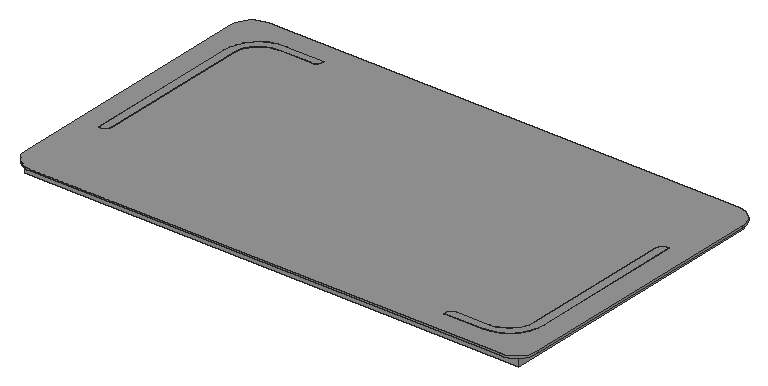
Revit family "UNB_Specchio_Multiproduct_BIM_IT_T3350;T3351;T3352;T3353_NEW", category Plumbing Fixtures, host Face, Revit 2017
Family settings
  Host = Face
  Round Connector Dimension = Use Diameter
  Part Type = Normal
  Cut with Voids When Loaded = No
  Shared = No
  Room Calculation Point = No
Parameters (values of type "T3353 - 1200 x 700 mirror")
  VersioneClassificazioneUni2015 = "IfcFurnitureType"
  Versione = "1"
  ValoreDellaSuperficie = "n/a"
  UnitàVolume = "litro"
  UnitàSuperficie = "millimetro"
  UnitàMonetaria = "€"
  UnitàLineare = "millimetro"
  UnitàDurataGaranzia = "anno"
  UnitàDurata = "anno"
  URL = "http://www.idealstandard.it"
  TipologiaVaso = "Altro"
  TipoEspotazioneIfc = "IfcFurnitureType"
  TipoDiDato = "Fisso"
  Telefono = "800 652 290"
  Spazio = "interno"
  Sostenibilità = "n/a"
  RiferimentoClassificazioneUni2015 = "MIRRORS"
  Riferimento = "T3353"
  Revisione = "1"
  ProfonditàNominale = 26 mm
  Produttore = "info@idealstandard.it"
  PesoNetto = "11.00 Kg"
  PesoLordo = "n/a"
  PartiDiRicambio = "http://www.idealstandard.it"
  NumeroDiModello = "T3353BH"
  NomeOggettoBim = "ISI_IdealStandard_Specchio_T3353"
  Nome = "ISI_IdealStandard_Specchio_T3353"
  ModelloDiRiferimento = "SPECCHIO HIGH AMBIENT 120X70 63W 230W"
  Model = "T3353BH"
  Materiale = "bicchiere"
  Manufacturer = "info@idealstandard.it"
  LunghezzaNominale = 26 mm
  LarghezzaNominale = 1200 mm
  InstruzioniInstallazione = "http://www.idealstandard.it"
  InformazioniGaranzia = "info@idealstandard.it"
  InformazioniDiProdotto = "http://www.idealstandard.it"
  InformaziniGaranzia = "info@idealstandard.it"
  IfcEsportaCome = "BATHROOM FURNITURE"
  Grado = "n/a"
  GaranziaInstallazione = "n/a"
  Garanzia = "garanzia del produttore"
  Forma = "rettangolare"
  Finitura = "specchio"
  DurataGaranziaProdotti = "n/a"
  DurataGaranziaLegale = "n/a"
  DurataGaranzia = "n/a"
  DistribuitoDa = "n/a"
  Dimensione = ""
  DescrizioneClassifcazioneUni2015 = "Bathroom furniture"
  Description = "SPECCHIO HIGH AMBIENT 120X70 63W 230W"
  Default Elevation = 1500 mm
  Creato = "Ideal Standard"
  CostoDiSostituzione = 0
  Cost = 0
  Connessione = "piombatura"
  Componenti = "n/a"
  Colore = "specchio"
  CodiceRiferimento = "n/a"
  CodiceDiPrestazione = "EN"
  CodiceArticolo = "n/a"
  CodiceABarre = "8014140447450"
  CicloDiVitaDelProdotto = "n/a"
  Caratteristiche = "SPECCHIO HIGH AMBIENT 120X70 63W 230W"
  Brand = "Ideal Standard"
  Autore = "Ideal Standard"
  AltezzaNominale = 700 mm
  Aiuto = "info@idealstandard.it"
  Accessori = "http://www.idealstandard.it"
  Accesso = "n/a"
Types (4, lengths in mm): name | Riferimento | PesoNetto | NumeroDiModello | NomeOggettoBim | Nome | ModelloDiRiferimento | Model | LarghezzaNominale | Description | CodiceABarre | Caratteristiche
  T3350 - 600 x 700 mirror | "T3350" | "6.12 Kg" | "T3350BH" | "ISI_IdealStandard_Specchio_T3350" | "ISI_IdealStandard_Specchio_T3350" | "SPECCHIO HIGH AMBIENT 60X70 36,2W 230W" | "T3350BH" | 600 | "SPECCHIO HIGH AMBIENT 60X70 36,2W 230W" | "8014140447429" | "SPECCHIO HIGH AMBIENT 60X70 36,2W 230W"
  T3351 - 800 x 700 mirror | "T3351" | "7.65 Kg" | "T3351BH" | "ISI_IdealStandard_Specchio_T3351" | "ISI_IdealStandard_Specchio_T3351" | "SPECCHIO HIGH AMBIENT 80X70 37,2W 230W" | "T3351BH" | 800 | "SPECCHIO HIGH AMBIENT 80X70 37,2W 230W" | "8014140447436" | "SPECCHIO HIGH AMBIENT 80X70 37,2W 230W"
  T3352 - 1000 x 700 mirror | "T3352" | "9.42 Kg" | "T3352BH" | "ISI_IdealStandard_Specchio_T3352" | "ISI_IdealStandard_Specchio_T3352" | "SPECCHIO HIGH AMBIENT 100X70 61,4W 230W" | "T3352BH" | 1000 | "SPECCHIO HIGH AMBIENT 100X70 61,4W 230W" | "8014140447443" | "SPECCHIO HIGH AMBIENT 100X70 61,4W 230W"
  T3353 - 1200 x 700 mirror | "T3353" | "11.00 Kg" | "T3353BH" | "ISI_IdealStandard_Specchio_T3353" | "ISI_IdealStandard_Specchio_T3353" | "SPECCHIO HIGH AMBIENT 120X70 63W 230W" | "T3353BH" | 1200 | "SPECCHIO HIGH AMBIENT 120X70 63W 230W" | "8014140447450" | "SPECCHIO HIGH AMBIENT 120X70 63W 230W"
Reference planes
  plane 1 "Center (Front/Back)": y = 0
  plane 2: z = 0
  plane 3 "Center (Left/Right)": x = 0
  plane 4: x = -600
  plane 5: x = 600
  plane 6: y = 350
  plane 7: y = -350
  plane 8: y = 330
  plane 9: y = -330
  plane 10: x = -580
  plane 11: x = 580
  plane 12: y = 300
  plane 13: y = -300
  plane 14: x = -550
  plane 15: x = 550
  plane 16: x = -530
  plane 17: x = 530
  plane 18: y = 280
  plane 19: y = -280
  plane 20: y = -150
  plane 21: y = 150
  plane 22: x = -380
  plane 23: x = 380
  plane 24: z = 22
  plane 25: z = 26
Forms (mm)
  Extrusion 1, solid, material "Default"
    sketch origin (0, 20.991, -18) x (0, 1, 0) y (-1, 0, 0)
      loop
        line (309.009, 580) -> (-350.991, 580) -> (-350.991, -580) -> (309.009, -580) -> (309.009, 580)
    from 18 to 40
  Extrusion 2, solid, material "ISI_IdealStandard_Mirror_MirrorGlazing_Render"
    sketch origin (-1524, -4572, 22) x (-1, 0, 0) y (0, -1, 0)
      loop
        arc (-974, -4922) -> (-938.645, -4907.355) -> (-924, -4872) r 50
        line (-924, -4872) -> (-924, -4272)
        arc (-924, -4272) -> (-938.645, -4236.645) -> (-974, -4222) r 50
        line (-974, -4222) -> (-2074, -4222)
        arc (-2074, -4222) -> (-2109.355, -4236.645) -> (-2124, -4272) r 50
        line (-2124, -4272) -> (-2124, -4872)
        arc (-2124, -4872) -> (-2109.355, -4907.355) -> (-2074, -4922) r 50
        line (-2074, -4922) -> (-974, -4922)
    from 0 to 4
  Extrusion 3, solid, material "ISI_IdealStandard_Mirror_IlluminatedArea_Render"
    sketch origin (-1524, -4572, 26) x (-1, 0, 0) y (0, -1, 0)
      loop
        line (-994, -4437) -> (-994, -4792)
        arc (-994, -4792) -> (-1011.574, -4834.426) -> (-1054, -4852) r 60
        line (-1054, -4852) -> (-1129, -4852)
        arc (-1129, -4852) -> (-1139.607, -4856.393) -> (-1144, -4867) r 15
        line (-1144, -4867) -> (-1144, -4872) -> (-1054, -4872)
        arc (-1054, -4872) -> (-997.431, -4848.569) -> (-974, -4792) r 80
        line (-974, -4792) -> (-974, -4422) -> (-979, -4422)
        arc (-979, -4422) -> (-989.607, -4426.393) -> (-994, -4437) r 15
      loop
        arc (-2069, -4722) -> (-2058.393, -4717.607) -> (-2054, -4707) r 15
        line (-2054, -4707) -> (-2054, -4352)
        arc (-2054, -4352) -> (-2036.426, -4309.574) -> (-1994, -4292) r 60
        line (-1994, -4292) -> (-1919, -4292)
        arc (-1919, -4292) -> (-1908.393, -4287.607) -> (-1904, -4277) r 15
        line (-1904, -4277) -> (-1904, -4272) -> (-1994, -4272)
        arc (-1994, -4272) -> (-2050.569, -4295.431) -> (-2074, -4352) r 80
        line (-2074, -4352) -> (-2074, -4722) -> (-2069, -4722)
    from 0 to 1
Dimensions and locks
  equal spacing: plane 4, plane 3 "Center (Left/Right)", plane 5
  "LarghezzaNominale": plane 4 to plane 5
  equal spacing: plane 6, plane 1 "Center (Front/Back)", plane 7
  "AltezzaNominale": plane 6 to plane 7
  locked: plane 4 to plane 10 at 20
  locked: plane 11 to plane 5 at 20
  locked: plane 6 to plane 8 at 20
  locked: plane 9 to plane 7 at 20
  locked: plane 4 to plane 14 at 50
  locked: plane 15 to plane 5 at 50
  locked: plane 13 to plane 7 at 50
  locked: plane 6 to plane 12 at 50
  locked: plane 12 to plane 18 at 20
  locked: plane 19 to plane 13 at 20
  locked: plane 14 to plane 16 at 20
  locked: plane 17 to plane 15 at 20
  locked: plane 18 to plane 20 at 430
  locked: plane 21 to plane 19 at 430
  locked: plane 16 to plane 22 at 150
  locked: plane 23 to plane 17 at 150
  locked: plane 25 to plane 24 at 4
  "ProfonditàNominale": plane 25 to plane 2
  aligned and locked: plane 2 to host face
  aligned and locked: level to host face
  aligned and locked: Extrusion 1 sketch curve to plane 8
  aligned and locked: plane 10 to Extrusion 1 sketch curve
  aligned and locked: plane 9 to Extrusion 1 sketch curve
  aligned and locked: Extrusion 1 sketch curve to plane 11
  aligned and locked: Extrusion 2 sketch curve to plane 6
  aligned and locked: plane 4 to Extrusion 2 sketch curve
  aligned and locked: plane 7 to Extrusion 2 sketch curve
  aligned and locked: Extrusion 2 sketch curve to plane 5
  aligned and locked: plane 16 to Extrusion 3 sketch curve
  aligned and locked: Extrusion 3 sketch curve to plane 18
  aligned and locked: plane 12 to Extrusion 3 sketch curve
  aligned and locked: plane 14 to Extrusion 3 sketch curve
  aligned and locked: Extrusion 3 sketch curve to plane 15
  aligned and locked: Extrusion 3 sketch curve to plane 17
  aligned and locked: Extrusion 3 sketch curve to plane 19
  aligned and locked: plane 13 to Extrusion 3 sketch curve
  aligned and locked: Extrusion 3 sketch curve to plane 21
  aligned and locked: Extrusion 3 sketch curve to plane 23
  aligned and locked: plane 24 to Extrusion 2
  aligned and locked: plane 25 to Extrusion 2
Automatic sketch dimensions
  host sketch curve to host sketch curve = 2438.4 mm  (x2)
  Extrusion 2 sketch curve to plane 15 = 0 mm  (x2)
  Extrusion 2 sketch curve to plane 12 = 0 mm
  Extrusion 2 sketch curve to plane 14 = 0 mm
  Extrusion 3 sketch curve to Extrusion 3 sketch curve = 0 mm  (x4)
  Extrusion 3 sketch curve to plane 22 = 0 mm
  Extrusion 3 sketch curve to plane 20 = 0 mm
  Extrusion 3 sketch curve to plane 15 = 5 mm
  plane 17 to Extrusion 3 sketch curve = 60 mm
  Extrusion 3 sketch curve to plane 23 = 15 mm
  Extrusion 3 sketch curve to plane 12 = 5 mm
  plane 16 to Extrusion 3 sketch curve = 60 mm
  Extrusion 3 sketch curve to plane 14 = 5 mm
